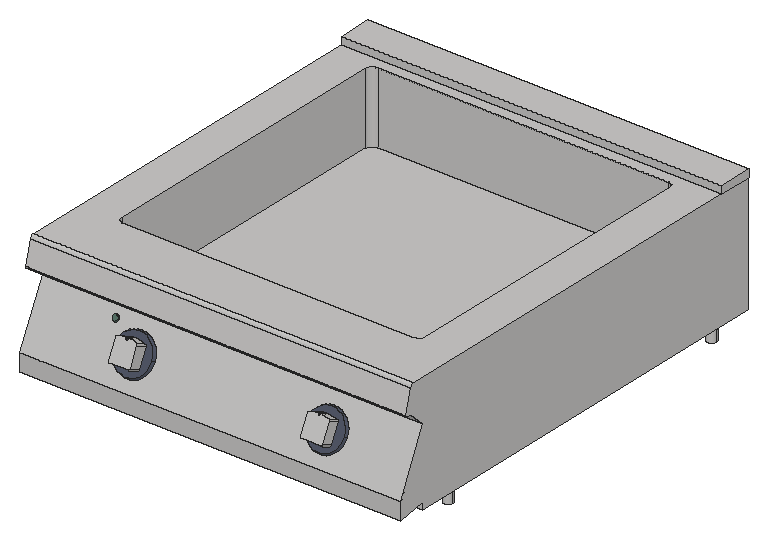
Revit family "QF_ZANUSSI_392125_Z9BMEHB000", category Specialty Equipment, Revit 2018
Family settings
  Round Connector Dimension = Use Diameter
  Part Type = Normal
  Work Plane-Based = No
  Always vertical = Yes
  Cut with Voids When Loaded = No
  Shared = No
  Room Calculation Point = No
Parameters
  Width = 800 mm  # constant formula
  Weight in Pounds = 45  # constant formula
  Weight = 0.00 kg
  Watts = 0 W
  Waste Water Discharge Temperature [instance] = -459.67 °F
  Volts = 400 V  # constant formula
  URL Manufacturer = "http://www.zanussiprofessional.com"
  URL Cutsheet = "www.electrolux.com"
  URL = "http://www.zanussiprofessional.com"
  Type Mark [instance] = ""
  Steam Supply Size = 0"
  Steam Supply Minimum Pressure = 0.00 psi
  Steam Supply Maximum Pressure = 0.00 psi
  Steam Pounds per Hour = 0
  Status [instance] = ""
  Specification by User [instance] = ""
  Specification by Manufacturer = ""
  Show Logo [instance] = yes
  Show Clearance [instance] = yes
  Serial Number = ""
  Seismic Rating = ""
  SMACNA No = ""
  Revision Code [instance] = ""
  Refrigeration Suction Line Size = 0"
  Refrigeration Liquid Line Size = 0"
  Refrigerant Compressor Remote = yes
  Plumbing Remarks [instance] = ""
  Plumbing Connection Type [instance] = ""
  Phase = 2
  Omniclass Number and Title = ""
  Number of Poles [instance] = 1
  NAFEM Spec ID Number = ""
  Model = "Z9BMEHB000"
  Min Ckt Ampacity = 0 A
  Max Overcurrent Protection = 0 A
  Masterspec = ""
  Manufacturer = "Zanussi"
  Length Actual = 800 mm  # constant formula
  Item Number [instance] = "392125"
  Installed By [instance] = ""
  Indirect Waste Size = 1 31/32"  # constant formula
  Indirect Waste Flow [instance] = 0 GPM
  Indirect Waste Connection Type [instance] = ""
  Indirect Waste Connection Height [instance] = 0 mm
  Identify Quantity as Lot [instance] = yes
  Hot Water Size = 0"
  Height Actual = 250 mm  # constant formula
  Height = 250 mm  # constant formula
  HP = "5.9 HP"
  Gas Size = 0"
  Gas KW = 0
  Gas Input Pressure = 0.0 Btu/h
  Furnished By [instance] = ""
  Foodservice Equipment Identifier [instance] = yes
  FL Amps = if(Phase = 3, Watts / (Volts * 1.73), Watts / Volts)  # 0 A
  Electrical Remarks [instance] = "400 V/2N ph/50/60 Hz"  # constant formula
  Electric Connection Type [instance] = ""
  Elec Conn RI Height [instance] = 0 mm
  Elec Conn Connection Height [instance] = 0 mm
  Direct Waste Size = 3/4"
  Description = "ELECTRIC BAIN-MARIE TOP 800 MM"
  Depth Actual = 900 mm  # constant formula
  Depth = 915 mm  # constant formula
  Cycle [instance] = if([60 Hertz Option], 60 Hz, 50 Hz)  # 60 Hz
  Conn Plug = ""
  Conn Conduit = yes
  Condensate Return Size = 0"
  Compressed Air Volume = 0 GPM
  Compressed Air Size = 0"
  Compressed Air Pressure = 0.00 psi
  Cold Water Size = 0"
  CSI MasterFormat = ""
  CSI Master Format = ""
  Apparent Power = if(Phase = 3, Volts * FL Amps * 1.73, Volts * FL Amps)  # 0 VA
  Accessory = yes
  60 Hertz Option [instance] = not([50 Hertz Option])  # yes
  50 Hertz Option [instance] = no
Reference planes
  plane 1 "BACK": y = 0
  plane 2: z = 0
  plane 3 "LEFT": x = 0
  plane 4 "RIGHT": x = 800
  plane 5 "FRONT": y = -915
  plane 6 "TOP": z = 274
  plane 7 "Center Y": x = 400
  plane 8 "Center X": y = -457.5
  plane 9: z = 24
  plane 10: x = 741
  plane 11: x = 11
  plane 12: x = 789
  plane 13: x = 675
  plane 14: z = 290
Forms (mm)
  Extrusion 1, solid, material "QF_Finishes_Stainless Steel"
    sketch origin (0, 0, 0) x (0, 1, 0) y (0, 0, 1)
      loop
        line (0, 24) -> (0, 274) -> (-879.358, 274)
        arc (-879.358, 274) -> (-884.643, 271.811) -> (-886.833, 266.526) r 7.474
        line (-886.833, 266.526) -> (-899.884, 221.011)
        arc (-899.884, 221.011) -> (-899.396, 218.379) -> (-897, 217.184) r 3
        line (-897, 217.184) -> (-886.802, 217.184) -> (-854.982, 185.364) -> (-915, 64.508) -> (-915, 29.508) -> (-858.645, 37.428)
        arc (-858.645, 37.428) -> (-856.101, 36.674) -> (-855, 34.259) r 3.2
        line (-855, 34.259) -> (-855, 24) -> (0, 24)
    from 0 to 800
  Extrusion 2, solid, material "QF_Finishes_Stainless Steel"
    sketch origin (0, 0, 0) x (1, 0, 0) y (0, 1, 0)
      loop
        circle (11, -82) r 9.525
      loop
        circle (11, -775) r 9.525
      loop
        circle (789, -82) r 9.525
      loop
        circle (789, -775) r 9.525
    from 0 to 24
  Extrusion 3, solid, material "QF_Finishes_Stainless Steel"
    sketch origin (0, 0, 274) x (0, -1, 0) y (1, 0, 0)
      loop
        line (69.85, 0) -> (69.85, 800) -> (0, 800) -> (0, 0) -> (69.85, 0)
    from 0 to 16
  Extrusion 4, void
    sketch origin (0, 0, 274) x (0, -1, 0) y (1, 0, 0)
      loop
        arc (92.539, 95) -> (96.932, 84.393) -> (107.539, 80) r 15
        line (107.539, 80) -> (747.539, 80)
        arc (747.539, 80) -> (758.145, 84.393) -> (762.539, 95) r 15
        line (762.539, 95) -> (762.539, 705)
        arc (762.539, 705) -> (758.145, 715.607) -> (747.539, 720) r 15
        line (747.539, 720) -> (107.539, 720)
        arc (107.539, 720) -> (96.932, 715.607) -> (92.539, 705) r 15
        line (92.539, 705) -> (92.539, 95)
    from 0 to -150
  Extrusion 5, solid, material "QF_Finishes_Stainless Steel"
    sketch origin (-7, 40, 24) x (-1, 0, 0) y (0, 1, 0)
      loop
        circle (-748, -625) r 9.525
    from 0 to 20
  Extrusion 6, solid, material "QF_Clearances", visible <- "Show Clearance", detail levels coarse
    sketch origin (0, 0, 0) x (1, 0, 0) y (0, 1, 0)
      loop
        line (0, 0) -> (800, 0) -> (800, -915) -> (950, -915) -> (950, 150) -> (-150, 150) -> (-150, -915) -> (0, -915) -> (0, 0)
    from 0 to 290
  Extrusion 7, solid, material "QF_Finishes_Stainless Steel"
    sketch origin (-47.353, 86.363, 24) x (-1, 0, 0) y (0, 1, 0)
      loop
        circle (-722.353, -224.363) r 25
    from 0 to 20
  Blend 8, solid, material "QF_Finishes_Navy Blue"
    base sketch origin (216.419, -884.991, 124.936) x (1, 0, 0) y (0, 0.444781, 0.895639)
      loop
        circle (0, 0) r 42.5
    top sketch origin (216.419, -884.991, 124.936) x (1, 0, 0) y (0, 0.444781, 0.895639)
      loop
        circle (0, 0) r 40.5
    from 0 to 5
  Extrusion 9, solid, material "QF_Finishes_Stainless Steel"
    sketch origin (-16.081, -884.991, 124.936) x (1, 0, 0) y (0, 0.444781, 0.895639)
      loop
        arc (211.353, 22.789) -> (210.006, 21.685) -> (209.5, 20.019) r 2.997
        line (209.5, 20.019) -> (209.5, -20.019)
        arc (209.5, -20.019) -> (210.378, -22.138) -> (212.497, -23.016) r 2.997
        line (212.497, -23.016) -> (252.503, -23.016)
        arc (252.503, -23.016) -> (254.622, -22.138) -> (255.5, -20.019) r 2.997
        line (255.5, -20.019) -> (255.5, 20.019)
        arc (255.5, 20.019) -> (254.994, 21.685) -> (253.647, 22.789) r 2.997
        arc (253.647, 22.789) -> (232.5, 26.984) -> (211.353, 22.789) r 55.4
    from 10 to 34
  Extrusion 10, solid, material "QF_Plastic-Black-Matte"
    sketch origin (158.919, -884.991, 124.936) x (0, 0.444781, 0.895639) y (0, 0.895639, -0.444781)
      loop
        line (26.984, -34) -> (23.984, -34) -> (23.984, -35) -> (26.984, -35)
        arc (26.984, -35) -> (27.691, -34.707) -> (27.984, -34) r 1
        line (27.984, -34) -> (27.984, -19) -> (26.984, -19) -> (26.984, -34)
    from -58.5 to -56.5
  Extrusion 11, solid, material "QF_Finishes_Stainless Steel"
    sketch origin (216.419, -884.991, 124.936) x (-1, 0, 0) y (0, -0.444781, -0.895639)
      loop
        line (17.5, -17.5) -> (17.5, 17.5) -> (-17.5, 17.5) -> (-17.5, -17.5) -> (17.5, -17.5)
    from 5 to 10
  Extrusion 12, solid, material "QF_Finishes_DarkGreen"
    sketch origin (216.419, -864.976, 165.24) x (1, 0, 0) y (0, 0.444781, 0.895639)
      loop
        circle (-55.001, 0) r 6
    from 0 to 1.6
  Blend 13, solid, material "QF_Finishes_Navy Blue"
    base sketch origin (621.419, -884.991, 124.936) x (1, 0, 0) y (0, 0.444781, 0.895639)
      loop
        circle (0, 0) r 42.5
    top sketch origin (621.419, -884.991, 124.936) x (1, 0, 0) y (0, 0.444781, 0.895639)
      loop
        circle (0, 0) r 40.5
    from 0 to 5
  Extrusion 14, solid, material "QF_Finishes_Stainless Steel"
    sketch origin (388.919, -884.991, 124.936) x (1, 0, 0) y (0, 0.444781, 0.895639)
      loop
        arc (211.353, 22.789) -> (210.006, 21.685) -> (209.5, 20.019) r 2.997
        line (209.5, 20.019) -> (209.5, -20.019)
        arc (209.5, -20.019) -> (210.378, -22.138) -> (212.497, -23.016) r 2.997
        line (212.497, -23.016) -> (252.503, -23.016)
        arc (252.503, -23.016) -> (254.622, -22.138) -> (255.5, -20.019) r 2.997
        line (255.5, -20.019) -> (255.5, 20.019)
        arc (255.5, 20.019) -> (254.994, 21.685) -> (253.647, 22.789) r 2.997
        arc (253.647, 22.789) -> (232.5, 26.984) -> (211.353, 22.789) r 55.4
    from 10 to 34
  Extrusion 15, solid, material "QF_Plastic-Black-Matte"
    sketch origin (563.919, -884.991, 124.936) x (0, 0.444781, 0.895639) y (0, 0.895639, -0.444781)
      loop
        line (26.984, -34) -> (23.984, -34) -> (23.984, -35) -> (26.984, -35)
        arc (26.984, -35) -> (27.691, -34.707) -> (27.984, -34) r 1
        line (27.984, -34) -> (27.984, -19) -> (26.984, -19) -> (26.984, -34)
    from -58.5 to -56.5
  Extrusion 16, solid, material "QF_Finishes_Stainless Steel"
    sketch origin (621.419, -884.991, 124.936) x (-1, 0, 0) y (0, -0.444781, -0.895639)
      loop
        line (17.5, -17.5) -> (17.5, 17.5) -> (-17.5, 17.5) -> (-17.5, -17.5) -> (17.5, -17.5)
    from 5 to 10
Cuts and joins
  Extrusion 4 cuts Extrusion 1
Lines and regions (mm)
  Split face 1
    outline origin (216.419, -889.469, 127.16) x (1, 0, 0) y (0, 0.444781, 0.895639)
      loop
        circle (0, 33) r 1
  Split face 2
    outline origin (216.419, -889.469, 127.16) x (1, 0, 0) y (0, 0.444781, 0.895639)
      loop
        circle (-33, 0) r 1
  Split face 3
    outline origin (216.419, -889.469, 127.16) x (-1, 0, 0) y (0, 0.444781, 0.895639)
      loop
        circle (31.876, -8.541) r 1
  Split face 4
    outline origin (216.419, -889.469, 127.16) x (-1, 0, 0) y (0, 0.444781, 0.895639)
      loop
        circle (28.579, -16.5) r 1
  Split face 5
    outline origin (216.419, -889.469, 127.16) x (-1, 0, 0) y (0, 0.444781, 0.895639)
      loop
        circle (23.335, -23.335) r 1
  Split face 6
    outline origin (216.419, -889.469, 127.16) x (-1, 0, 0) y (0, 0.444781, 0.895639)
      loop
        circle (16.5, -28.579) r 1
  Split face 7
    outline origin (216.419, -889.469, 127.16) x (-1, 0, 0) y (0, 0.444781, 0.895639)
      loop
        circle (8.541, -31.876) r 1
  Split face 8
    outline origin (216.419, -889.469, 127.16) x (1, 0, 0) y (0, -0.444781, -0.895639)
      loop
        circle (33, 0) r 1
  Split face 9
    outline origin (216.419, -889.469, 127.16) x (-1, 0, 0) y (0, -0.444781, -0.895639)
      loop
        circle (-8.541, 31.876) r 1
  Split face 10
    outline origin (216.419, -889.469, 127.16) x (-1, 0, 0) y (0, -0.444781, -0.895639)
      loop
        circle (-16.5, 28.579) r 1
  Split face 11
    outline origin (216.419, -889.469, 127.16) x (-1, 0, 0) y (0, -0.444781, -0.895639)
      loop
        circle (-23.335, 23.335) r 1
  Split face 12
    outline origin (216.419, -889.469, 127.16) x (-1, 0, 0) y (0, -0.444781, -0.895639)
      loop
        circle (-28.579, 16.5) r 1
  Split face 13
    outline origin (216.419, -889.469, 127.16) x (-1, 0, 0) y (0, -0.444781, -0.895639)
      loop
        circle (-31.876, 8.541) r 1
  Split face 14
    outline origin (216.419, -889.469, 127.16) x (1, 0, 0) y (0, 0.444781, 0.895639)
      loop
        circle (0, -33) r 1
  Split face 15
    outline origin (621.419, -889.469, 127.16) x (1, 0, 0) y (0, 0.444781, 0.895639)
      loop
        circle (0, 33) r 1
  Split face 16
    outline origin (621.419, -889.469, 127.16) x (1, 0, 0) y (0, 0.444781, 0.895639)
      loop
        circle (-33, 0) r 1
  Split face 17
    outline origin (621.419, -889.469, 127.16) x (-1, 0, 0) y (0, 0.444781, 0.895639)
      loop
        circle (31.876, -8.541) r 1
  Split face 18
    outline origin (621.419, -889.469, 127.16) x (-1, 0, 0) y (0, 0.444781, 0.895639)
      loop
        circle (28.579, -16.5) r 1
  Split face 19
    outline origin (621.419, -889.469, 127.16) x (-1, 0, 0) y (0, 0.444781, 0.895639)
      loop
        circle (23.335, -23.335) r 1
  Split face 20
    outline origin (621.419, -889.469, 127.16) x (-1, 0, 0) y (0, 0.444781, 0.895639)
      loop
        circle (16.5, -28.579) r 1
  Split face 21
    outline origin (621.419, -889.469, 127.16) x (-1, 0, 0) y (0, 0.444781, 0.895639)
      loop
        circle (8.541, -31.876) r 1
  Split face 22
    outline origin (621.419, -889.469, 127.16) x (1, 0, 0) y (0, -0.444781, -0.895639)
      loop
        circle (33, 0) r 1
  Split face 23
    outline origin (621.419, -889.469, 127.16) x (-1, 0, 0) y (0, -0.444781, -0.895639)
      loop
        circle (-8.541, 31.876) r 1
  Split face 24
    outline origin (621.419, -889.469, 127.16) x (-1, 0, 0) y (0, -0.444781, -0.895639)
      loop
        circle (-16.5, 28.579) r 1
  Split face 25
    outline origin (621.419, -889.469, 127.16) x (-1, 0, 0) y (0, -0.444781, -0.895639)
      loop
        circle (-23.335, 23.335) r 1
  Split face 26
    outline origin (621.419, -889.469, 127.16) x (-1, 0, 0) y (0, -0.444781, -0.895639)
      loop
        circle (-28.579, 16.5) r 1
  Split face 27
    outline origin (621.419, -889.469, 127.16) x (-1, 0, 0) y (0, -0.444781, -0.895639)
      loop
        circle (-31.876, 8.541) r 1
  Split face 28
    outline origin (621.419, -889.469, 127.16) x (1, 0, 0) y (0, 0.444781, 0.895639)
      loop
        circle (0, -33) r 1
  symbolic lines, style "QF_Clearances", visible <- "Show Clearance", detail levels coarse
    curve 1: line (950, -915, 0) -> (950, 150, 0)
    curve 2: line (950, 150, 0) -> (-150, 150, 0)
    curve 3: line (-150, 150, 0) -> (-150, -915, 0)
  symbolic lines
    curve 4: line (800, -915, 0) -> (800, 0, 0)
    curve 5: line (800, 0, 0) -> (0, 0, 0)
    curve 6: line (0, 0, 0) -> (0, -915, 0)
    curve 7: line (80, -107.539, 0) -> (80, -747.539, 0)
    curve 8: arc (80, -747.539, 0) -> (84.393, -758.145, 0) -> (95, -762.539, 0) r 15
    curve 9: line (95, -762.539, 0) -> (705, -762.539, 0)
    curve 10: arc (705, -762.539, 0) -> (715.607, -758.145, 0) -> (720, -747.539, 0) r 15
    curve 11: line (720, -747.539, 0) -> (720, -107.539, 0)
    curve 12: arc (720, -107.539, 0) -> (715.607, -96.932, 0) -> (705, -92.539, 0) r 15
    curve 13: line (705, -92.539, 0) -> (95, -92.539, 0)
    curve 14: arc (95, -92.539, 0) -> (84.393, -96.932, 0) -> (80, -107.539, 0) r 15
    curve 15: line (0, -69.85, 0) -> (800, -69.85, 0)
    curve 16: line (0, -900, 0) -> (800, -900, 0)
    curve 17: line (193.419, -900, 0) -> (193.419, -924.347, 0)
    curve 18: arc (193.419, -924.347, 0) -> (193.566, -924.811, 0) -> (193.951, -925.107, 0) r 0.809
    curve 19: arc (193.951, -925.107, 0) -> (195.139, -925.587, 0) -> (196.417, -925.68, 0) r 4.127
    curve 20: arc (193.419, -904.292, 0) -> (188.378, -902.458, 0) -> (183.61, -900, 0) r 42.24
    curve 21: arc (193.419, -906.539, 0) -> (193.922, -905.818, 0) -> (194.719, -905.448, 0) r 1.682
    curve 22: arc (194.719, -905.448, 0) -> (205.021, -903.95, 0) -> (215.419, -903.441, 0) r 109.079
    curve 23: line (215.419, -900, 0) -> (215.419, -905.671, 0)
    curve 24: line (215.419, -905.671, 0) -> (217.419, -905.671, 0)
    curve 25: line (217.419, -905.671, 0) -> (217.419, -900, 0)
    curve 26: line (239.419, -900, 0) -> (239.419, -924.347, 0)
    curve 27: arc (239.419, -924.347, 0) -> (239.273, -924.811, 0) -> (238.887, -925.107, 0) r 0.809
    curve 28: arc (238.887, -925.107, 0) -> (237.7, -925.587, 0) -> (236.422, -925.68, 0) r 4.127
    curve 29: arc (239.419, -904.292, 0) -> (244.461, -902.458, 0) -> (249.229, -900, 0) r 42.24
    curve 30: arc (239.419, -906.539, 0) -> (238.917, -905.818, 0) -> (238.12, -905.448, 0) r 1.682
    curve 31: arc (238.12, -905.448, 0) -> (227.818, -903.95, 0) -> (217.419, -903.441, 0) r 109.079
    curve 32: line (196.417, -925.68, 0) -> (236.422, -925.68, 0)
    curve 33: line (644.419, -900, 0) -> (644.419, -924.347, 0)
    curve 34: arc (644.419, -924.347, 0) -> (644.273, -924.811, 0) -> (643.887, -925.107, 0) r 0.809
    curve 35: arc (643.887, -925.107, 0) -> (642.7, -925.587, 0) -> (641.422, -925.68, 0) r 4.127
    curve 36: arc (644.419, -904.292, 0) -> (649.461, -902.458, 0) -> (654.229, -900, 0) r 42.24
    curve 37: arc (644.419, -906.539, 0) -> (643.917, -905.818, 0) -> (643.12, -905.448, 0) r 1.682
    curve 38: arc (643.12, -905.448, 0) -> (632.818, -903.95, 0) -> (622.419, -903.441, 0) r 109.079
    curve 39: line (622.419, -900, 0) -> (622.419, -905.671, 0)
    curve 40: line (622.419, -905.671, 0) -> (620.419, -905.671, 0)
    curve 41: line (620.419, -905.671, 0) -> (620.419, -900, 0)
    curve 42: line (598.419, -900, 0) -> (598.419, -924.347, 0)
    curve 43: arc (598.419, -924.347, 0) -> (598.566, -924.811, 0) -> (598.951, -925.107, 0) r 0.809
    curve 44: arc (598.951, -925.107, 0) -> (600.139, -925.587, 0) -> (601.417, -925.68, 0) r 4.127
    curve 45: arc (598.419, -904.292, 0) -> (593.378, -902.458, 0) -> (588.61, -900, 0) r 42.24
    curve 46: arc (598.419, -906.539, 0) -> (598.922, -905.818, 0) -> (599.719, -905.448, 0) r 1.682
    curve 47: arc (599.719, -905.448, 0) -> (610.021, -903.95, 0) -> (620.419, -903.441, 0) r 109.079
    curve 48: line (641.422, -925.68, 0) -> (601.417, -925.68, 0)
    curve 49: line (239.419, -915, 0) -> (598.419, -915, 0)
    curve 50: line (644.419, -915, 0) -> (800, -915, 0)
    curve 51: line (0, -915, 0) -> (193.419, -915, 0)
Dimensions and locks
  equal spacing: plane 3 "LEFT", plane 7 "Center Y", plane 4 "RIGHT"
  "Width": plane 3 "LEFT" to plane 4 "RIGHT"
  equal spacing: plane 5 "FRONT", plane 8 "Center X", plane 1 "BACK"
  "Depth": plane 5 "FRONT" to plane 1 "BACK"
  plane 9 to level = 24 mm  (x2)
  plane 10 to plane 4 "RIGHT" = 59 mm  (x3)
  plane 11 to plane 3 "LEFT" = 11 mm
  locked: plane 12 to plane 4 "RIGHT" at 11
  plane 1 "BACK" to plane 5 "FRONT" = 915 mm
  Extrusion 5 to plane 9 = 20 mm
  plane 1 "BACK" to Extrusion 5 = 585 mm
  plane 1 "BACK" to Extrusion 2 to Extrusion 2 = 82 mm, 693 mm
  plane 11 to plane 12 = 778 mm
  plane 1 "BACK" to curve 2 = 150 mm
  plane 4 "RIGHT" to curve 1 = 150 mm
  curve 3 to plane 3 "LEFT" = 150 mm
  Extrusion 7 sketch curve to plane 1 "BACK" = 138 mm
  Extrusion 7 sketch curve to plane 4 "RIGHT" = 125 mm
  Extrusion 5 sketch curve to plane 1 "BACK" = 585 mm
  Extrusion 5 sketch curve to plane 4 "RIGHT" = 59 mm
  Extrusion 5 to plane 1 "BACK" = 585 mm
  Extrusion 7 to plane 1 "BACK" = 138 mm
  plane 13 to plane 4 "RIGHT" = 125 mm
  "Height": plane 6 "TOP" to plane 9
  plane 6 "TOP" to plane 9 = 250 mm
  plane 1 "BACK" to Extrusion 7 = 138 mm
  plane 14 to level = 290 mm
  aligned and locked: level to plane 2
  aligned and locked: Extrusion 1 to plane 4 "RIGHT"
Automatic sketch dimensions
  Extrusion 1 sketch curve to plane 5 "FRONT" = 0 mm
  Extrusion 1 sketch curve to plane 6 "TOP" = 0 mm
  Extrusion 1 sketch curve to plane 9 = 0 mm
  Extrusion 1 sketch curve to plane 1 "BACK" = 0 mm
  Extrusion 1 sketch curve to plane 5 "FRONT" = 15.116 mm
  Extrusion 1 sketch curve to Extrusion 1 sketch curve = 2.884 mm
  Extrusion 1 sketch curve to plane 6 "TOP" = 7.474 mm
  Extrusion 1 sketch curve to plane 5 "FRONT" = 28.167 mm
  Extrusion 1 sketch curve to Extrusion 1 sketch curve = 10.198 mm
  plane 9 to Extrusion 1 sketch curve = 13.428 mm
  Extrusion 1 sketch curve to plane 5 "FRONT" = 56.355 mm
  Extrusion 1 sketch curve to Extrusion 1 sketch curve = 0.445 mm
  Extrusion 1 sketch curve to Extrusion 1 sketch curve = 3.2 mm
  Extrusion 1 sketch curve to Extrusion 1 sketch curve = 31.82 mm  (x2)
  plane 9 to Extrusion 1 sketch curve = 5.508 mm
  Extrusion 1 sketch curve to Extrusion 1 sketch curve = 35 mm
  Extrusion 1 sketch curve to Extrusion 1 sketch curve = 81.162 mm
  Extrusion 1 sketch curve to Extrusion 1 sketch curve = 3 mm
  Extrusion 2 sketch curve to plane 11 = 0 mm  (x2)
  Extrusion 2 sketch curve to plane 12 = 0 mm  (x2)
  Extrusion 2 sketch curve to plane 5 "FRONT" = 140 mm  (x2)
  plane 1 "BACK" to Extrusion 2 sketch curve = 82 mm  (x2)
  plane 1 "BACK" to Extrusion 3 sketch curve = 0 mm
  Extrusion 3 sketch curve to plane 3 "LEFT" = 0 mm
  Extrusion 3 sketch curve to plane 4 "RIGHT" = 0 mm
  plane 1 "BACK" to Extrusion 3 sketch curve = 69.85 mm
  plane 1 "BACK" to Extrusion 4 sketch curve = 92.539 mm
  Extrusion 4 sketch curve to Extrusion 4 sketch curve = 15 mm  (x3)
  plane 11 to Extrusion 4 sketch curve = 69 mm
  Extrusion 4 sketch curve to plane 5 "FRONT" = 167.461 mm  (x2)
  Extrusion 4 sketch curve to plane 13 = 30 mm
  plane 5 "FRONT" to Extrusion 6 sketch curve = 0 mm  (x2)
  Extrusion 6 sketch curve to plane 3 "LEFT" = 0 mm
  Extrusion 6 sketch curve to plane 4 "RIGHT" = 0 mm
  plane 1 "BACK" to Extrusion 6 sketch curve = 0 mm
  Extrusion 6 sketch curve to plane 3 "LEFT" = 150 mm
  Extrusion 6 sketch curve to plane 4 "RIGHT" = 150 mm
  Extrusion 6 sketch curve to plane 1 "BACK" = 150 mm
  Blend 8 sketch curve to plane 7 "Center Y" = 183.581 mm  (x2)
  plane 11 to Extrusion 9 sketch curve = 182.419 mm
  Extrusion 9 sketch curve to Extrusion 9 sketch curve = 2.997 mm  (x3)
  Extrusion 9 sketch curve to Extrusion 9 sketch curve = 20.003 mm  (x2)
  Extrusion 9 sketch curve to Extrusion 9 sketch curve = 40.005 mm
  Extrusion 9 sketch curve to Extrusion 9 sketch curve = 5.399 mm
  Extrusion 9 sketch curve to Extrusion 9 sketch curve = 40.037 mm
  Extrusion 9 sketch curve to Extrusion 9 sketch curve = 0 mm  (x2)
  Extrusion 10 sketch curve to plane 5 "FRONT" = 9.329 mm
  Extrusion 10 sketch curve to plane 6 "TOP" = 112.016 mm
  Extrusion 10 sketch curve to Extrusion 10 sketch curve = 3 mm
  Extrusion 10 sketch curve to Extrusion 10 sketch curve = 0 mm
  Extrusion 10 sketch curve to Extrusion 10 sketch curve = 1 mm  (x2)
  Extrusion 10 sketch curve to Extrusion 10 sketch curve = 15 mm
  Extrusion 11 sketch curve to plane 7 "Center Y" = 166.081 mm
  Extrusion 11 sketch curve to Extrusion 11 sketch curve = 35 mm  (x2)
  plane 11 to Extrusion 12 sketch curve = 150.418 mm
  plane 13 to Blend 13 sketch curve = 53.581 mm  (x2)
  plane 13 to Extrusion 14 sketch curve = 76.581 mm
  Extrusion 14 sketch curve to Extrusion 14 sketch curve = 2.997 mm  (x3)
  Extrusion 14 sketch curve to Extrusion 14 sketch curve = 20.003 mm  (x2)
  plane 13 to Extrusion 14 sketch curve = 33.578 mm
  Extrusion 14 sketch curve to Extrusion 14 sketch curve = 5.399 mm
  Extrusion 14 sketch curve to Extrusion 14 sketch curve = 40.037 mm
  Extrusion 14 sketch curve to Extrusion 14 sketch curve = 0 mm  (x2)
  Extrusion 15 sketch curve to plane 5 "FRONT" = 9.329 mm
  Extrusion 15 sketch curve to plane 6 "TOP" = 112.016 mm
  Extrusion 15 sketch curve to Extrusion 15 sketch curve = 3 mm
  Extrusion 15 sketch curve to Extrusion 15 sketch curve = 0 mm
  Extrusion 15 sketch curve to Extrusion 15 sketch curve = 1 mm  (x2)
  Extrusion 15 sketch curve to Extrusion 15 sketch curve = 15 mm
  plane 13 to Extrusion 16 sketch curve = 36.081 mm
  Extrusion 16 sketch curve to Extrusion 16 sketch curve = 35 mm  (x2)
  plane 1 "BACK" to curve 6 = 0 mm
  curve 6 to plane 3 "LEFT" = 0 mm
  curve 5 to plane 4 "RIGHT" = 0 mm
  plane 5 "FRONT" to curve 3 = 0 mm
  plane 5 "FRONT" to curve 4 = 0 mm
  plane 5 "FRONT" to curve 6 = 0 mm
  plane 5 "FRONT" to curve 1 = 0 mm
  plane 11 to curve 7 = 69 mm
  curve 7 to curve 8 = 15 mm
  curve 7 to curve 13 = 15 mm
  plane 11 to curve 17 = 182.419 mm
  curve 17 to curve 18 = 0.809 mm
  curve 21 to curve 21 = 1.583 mm
  curve 18 to curve 19 = 1.846 mm
  curve 18 to curve 32 = 2.189 mm
  curve 17 to curve 20 = 11.892 mm
  curve 21 to curve 24 = 20.417 mm
  curve 32 to curve 22 = 19.134 mm
  curve 22 to curve 31 = 1.738 mm
  curve 23 to curve 24 = 2 mm
  curve 20 to curve 29 = 22.215 mm
  curve 24 to curve 32 = 19.003 mm
  curve 28 to curve 28 = 0.343 mm
  curve 28 to curve 30 = 1.071 mm
  curve 32 to curve 27 = 2.189 mm
  curve 27 to curve 26 = 0.809 mm
  curve 26 to curve 42 = 359 mm
  curve 42 to curve 43 = 0.809 mm
  curve 46 to curve 46 = 1.583 mm
  curve 43 to curve 44 = 1.846 mm
  curve 43 to curve 48 = 2.189 mm
  curve 42 to curve 45 = 11.892 mm
  curve 46 to curve 41 = 20.417 mm
  curve 44 to curve 47 = 19.134 mm
  curve 47 to curve 38 = 1.738 mm
  curve 40 to curve 40 = 2 mm
  curve 45 to curve 36 = 22.215 mm
  curve 39 to curve 48 = 19.003 mm
  curve 35 to curve 35 = 0.343 mm
  curve 35 to curve 37 = 1.071 mm
  curve 35 to curve 34 = 2.189 mm
  curve 34 to curve 33 = 0.809 mm
  curve 13 to plane 13 = 30 mm
  curve 10 to plane 13 = 30 mm
  curve 12 to curve 11 = 15 mm
  curve 20 to curve 36 = 0 mm
  curve 20 to curve 29 = 0 mm
  curve 45 to curve 36 = 0 mm
  curve 40 to curve 36 = 41.91 mm
  curve 25 to curve 29 = 41.91 mm
  curve 46 to curve 40 = 1.435 mm
  curve 30 to curve 24 = 1.435 mm
  curve 21 to curve 23 = 1.435 mm
  curve 37 to curve 39 = 1.435 mm
  curve 28 to curve 30 = 14.462 mm
  curve 44 to curve 46 = 14.462 mm
  curve 35 to curve 37 = 14.462 mm
  curve 19 to curve 21 = 14.462 mm
  curve 17 to curve 19 = 2.779 mm
  curve 34 to curve 35 = 2.779 mm
  curve 26 to curve 28 = 2.779 mm
  curve 42 to curve 44 = 2.779 mm
  curve 32 to curve 18 = 1.333 mm
  curve 48 to curve 34 = 1.333 mm
  curve 31 to curve 28 = 86.839 mm
  curve 47 to curve 44 = 86.839 mm
  curve 22 to curve 31 = 0 mm  (x2)
  curve 47 to curve 38 = 0 mm  (x2)
  curve 9 to plane 5 "FRONT" = 152.461 mm
  plane 1 "BACK" to curve 14 = 107.539 mm
  curve 20 to curve 17 = 9.809 mm
  curve 22 to curve 21 = 0.284 mm
  curve 30 to curve 30 = 0.284 mm
  curve 26 to curve 29 = 9.809 mm
  curve 45 to curve 42 = 9.809 mm
  curve 47 to curve 46 = 0.284 mm
  curve 37 to curve 37 = 0.284 mm
  curve 33 to curve 36 = 9.809 mm
  curve 23 to curve 23 = 5.671 mm
  curve 23 to curve 22 = 2.23 mm
  curve 40 to curve 47 = 2.23 mm
  curve 51 to curve 16 = 15 mm
  curve 44 to curve 49 = 6.567 mm
  plane 1 "BACK" to curve 15 = 69.85 mm
  radius of Extrusion 2 sketch curve = 9.525 mm  (x4)
  radius of Extrusion 5 sketch curve = 9.525 mm
  radius of Extrusion 7 sketch curve = 25 mm
  radius of Blend 8 sketch curve = 42.5 mm
  radius of Blend 8 sketch curve = 40.5 mm
  radius of Split face 1 sketch curve = 1 mm
  radius of Split face 2 sketch curve = 1 mm
  radius of Split face 3 sketch curve = 1 mm
  radius of Split face 4 sketch curve = 1 mm
  radius of Split face 5 sketch curve = 1 mm
  radius of Split face 6 sketch curve = 1 mm
  radius of Split face 7 sketch curve = 1 mm
  radius of Split face 8 sketch curve = 1 mm
  radius of Split face 9 sketch curve = 1 mm
  radius of Split face 10 sketch curve = 1 mm
  radius of Split face 11 sketch curve = 1 mm
  radius of Split face 12 sketch curve = 1 mm
  radius of Split face 13 sketch curve = 1 mm
  radius of Split face 14 sketch curve = 1 mm
  radius of Extrusion 12 sketch curve = 6 mm
  radius of Blend 13 sketch curve = 42.5 mm
  radius of Blend 13 sketch curve = 40.5 mm
  radius of Split face 15 sketch curve = 1 mm
  radius of Split face 16 sketch curve = 1 mm
  radius of Split face 17 sketch curve = 1 mm
  radius of Split face 18 sketch curve = 1 mm
  radius of Split face 19 sketch curve = 1 mm
  radius of Split face 20 sketch curve = 1 mm
  radius of Split face 21 sketch curve = 1 mm
  radius of Split face 22 sketch curve = 1 mm
  radius of Split face 23 sketch curve = 1 mm
  radius of Split face 24 sketch curve = 1 mm
  radius of Split face 25 sketch curve = 1 mm
  radius of Split face 26 sketch curve = 1 mm
  radius of Split face 27 sketch curve = 1 mm
  radius of Split face 28 sketch curve = 1 mm
Connectors
  piping at (675, -138, 4), diameter 50
    settings: on Extrusion 7, index 2, connector inside diameter 1.9685", connector length 0 mm, flow factor 0, pipe flow 0 GPM, pressure drop 0.00 psi, fitting loss kfactor 0, connector angle 0.00°, fixture units 0, engagement length 0 mm, angle of deflection 0.00°, flow configuration 1, flow direction 2, fitting loss method 0, system type 16, joint type 0, gender type 0, connector reference index -1, connector utility 0, adjustable connector no, is connector primary yes, connector description "DRAIN"
  electrical at (741, -585, 4)
    settings: on Extrusion 5, index 3, voltage 0 V, apparent load 0 VA, apparent load phase1 0 VA, apparent load phase2 0 VA, apparent load phase3 0 VA, power factor 1, load classification "Other", number of poles 1, system type 30, power factor state 1, is connector primary yes, connector utility no, sub classification motor no, connector description ""
